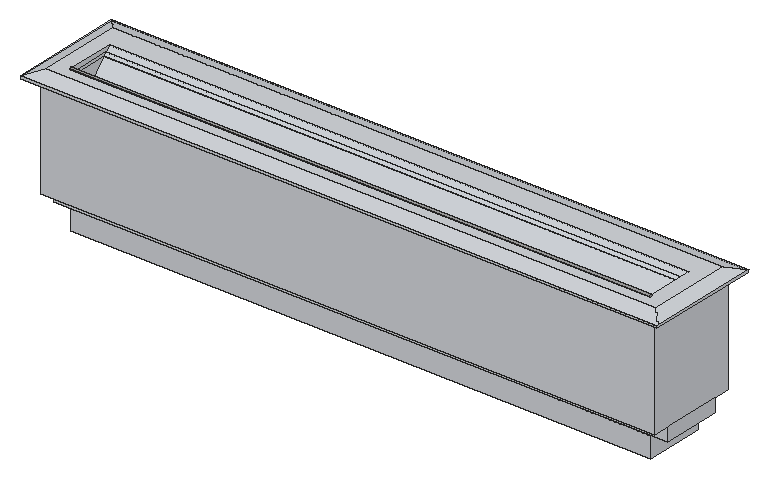
Revit family "2061267 Sylvania Lighting Fixture DOMINO 10xLED 930 OPAL AY TRIM BLACK", category Lighting Fixtures, host Face, Revit 2018
Family settings
  Host = Face
  Round Connector Dimension = Use Diameter
  Part Type = Normal
  OmniClass Number = 23.80.70.00
  OmniClass Title = Lighting
  Cut with Voids When Loaded = No
  Light Source = Yes
  Shared = No
  Room Calculation Point = No
Parameters (values of type "2061267 DOMINO 10XLED 930 OPAL ASYM TR BLK ")
  top top width = 15.812 mm
  top top length = 255 mm
  Width = 50 mm
  Weight = "n/a"
  Wattage Comments = ""
  Wattage = 9.2903 W
  WarrantyStartDate [instance] = "n/a"
  WarrantyGuarantorParts = "n/a"
  WarrantyDurationUnit = "n/a"
  WarrantyDurationParts = ""
  WarrantyDescription = "http://www.sylvania-lighting.com"
  built-in parameter 1150110 = 1 (stored number, unit not read)
  Voltage = 0 V
  URL = "0.95"
  TypeName = "DOMINO 10xLED 930 OPAL AY TRIM BLACK"
  Type Image = <None>
  Type Comments = "n/a"
  built-in parameter 1114217 = 1 (stored number, unit not read)
  Top Width = 26 mm
  Tilt Angle = 90.00°
  built-in parameter 1150109 = 1 (stored number, unit not read)
  built-in parameter 1150134 = 3
  built-in parameter 1150113 = 1 (stored number, unit not read)
  SerialNumber [instance] = "n/a"
  Recessed Width = 43 mm
  Recessed Length = 276 mm
  Photometric Web File = "2061267.ies"
  Material_3_FEILO = none
  PowerFactor = 0
  PowerConsumption = "Lighting"
  NominalLength = 50 mm
  NominalHeight = 0 mm
  NominalDepth = 0 mm
  Name = "DOMINO 10xLED 930 OPAL AY TRIM BLACK"
  ModelReference = Name  # "DOMINO 10xLED 930 OPAL AY TRIM BLACK"
  ModelNumber = "2061267"
  Model = Name  # "DOMINO 10xLED 930 OPAL AY TRIM BLACK"
  Material = "Feilo Sylvania"
  ManufacturerName = "60 lm/W"
  Manufacturer = ""
  LuminousEfficacy = ""
  built-in parameter 1150105 = 109.82 (stored number, unit not read)
  Lumens = 1380 lm
  LuminaireType = "0"
  built-in parameter 1150115 = 1 (stored number, unit not read)
  LightOutputRatio = "LED"
  built-in parameter 1150137 = (empty or 0)
  built-in parameter 1150139 = (empty or 0)
  Lens inside recess = 25 mm
  Lens Width = 32 mm
  Lens Outside recess = 31.978 mm
  Lens = Glass, White, High Luminance
  Length = 280 mm
  LampsType = Lamp  # "n/a"
  LampNominalLuminous = "3000 K"
  LampMacAdamStep = "90"
  LampColourTemperature = "LED"
  LampColourRenderingIndex = "16500"
  built-in parameter 1150112 = 1 (stored number, unit not read)
  built-in parameter 1150114 = 1 (stored number, unit not read)
  Lamp = "n/a"
  Keynote = "n/a"
  InstallationDate [instance] = "n/a"
  InputVoltage = "0"
  InputNominalFrequency = "3000"
  built-in parameter 1150132 = (empty or 0)
  built-in parameter 1150102 = (empty or 0)
  built-in parameter 1150107 = 3200 (stored number, unit not read)
  built-in parameter 1150138 = (empty or 0)
  IngressProtection = "IfcLightFixtureType"
  ImpactProtectionIndex = "IfcLightFixtureType"
  built-in parameter 1150106 = 1.0982 (stored number, unit not read)
  IfcExportType = "IfcLightFixtureType"
  IfcExportAs = "Class II"
  Facia internal width = 37 mm
  Facia internal length = 268 mm
  Facia Height = 2 mm
  ExpectedLife = 50000
  Emit from Circle Diameter = 609.6 mm
  Emit Shape Visible in Rendering = no
  ElectricShockClassification = "60"
  built-in parameter 1150104 = 13.8 (stored number, unit not read)
  DurationUnit = "hours"
  DocumentationLiterature = "http://www.sylvania-lighting.com/product/en-int/products/2061267"
  DimmingControlOptions = "n/a"
  Material_2_FEILO = none
  Dimming Lamp Color Temperature Shift = <None>
  Description = "Modular LED recessed linear spotlight, ideal for retail and hospitality applications. Die-cast aluminium body, passive cooling. Two levels of reflector installation, low glaring. 10x LED source, asymmetric beam angle , optics: PMMA lens and polycarbonate reflector combination, opaline diffuser. Light color temperature: 3000K warm white, total system power: 23W , total fixture lumen output: 1375lm, efficacy: 60 lm/W, Ra90 typical, LED chromacity: 3 step MacAdam ellipse (SDCM3), lifespan: 96,000 hours at 90% of the original output (L90B10), IR/UV free light source without heat radiation, operating voltage: 220-240V / 50-60Hz, electronic driver, ultra low flicker, non-dimmable , electrical protection: Class II. Degree of Protection: IP40/IP20, suitable for indoor environment only. Ceiling cut-out: 43x43mm, outer dimensions:  280x50mm trim frame RAL 9005 - Jet black color.5 years Warranty."
  Default Elevation = 1219.2 mm
  CreatedOn = "23/02/2021"
  CreatedBy = "@sylvania-lighting.com"
  Cost = 0
  Color Filter = 16777215
  built-in parameter 1114216 [instance] = (empty or 0)
  ClassificationValue = "EF_70_80"
  ClassificationName = "Uniclass2015"
  Material_1_FEILO = none
  Body Width = 40 mm
  Body Length = 270 mm
  BarCode [instance] = "n/a"
  built-in parameter 1114218 = 1 (stored number, unit not read)
  built-in parameter 1150133 = 10 (stored number, unit not read)
  AssetType = "Fixed"
  AssetIdentifier [instance] = "n/a"
  Assembly Code = "D5020200"
  Apparent Load = 23 VA
  Material_4_FEILO = none
Reference planes
  plane 1 "Center (Front/Back)": y = 0
  plane 2: z = 0
  plane 3 "Center (Left/Right)": x = 0
  plane 4: z = 0
  plane 5: z = -7
  plane 6: z = -45.895
  plane 7: z = -51.895
  plane 8: z = -60.895
  plane 9: x = -138
  plane 10: x = 138
  plane 11: y = 21.5
  plane 12: y = -21.5
  plane 13: x = -140
  plane 14: x = 140
  plane 15: y = 25
  plane 16: y = -25
  plane 17: x = 134
  plane 18: x = -134
  plane 19: y = 18.5
  plane 20: y = -18.5
  plane 21: z = 2
  plane 22: x = -135
  plane 23: x = 135
  plane 24: y = 20
  plane 25: y = -20
  plane 26: y = 13
  plane 27: y = -13
  plane 28: x = 127.5
  plane 29: x = -127.5
  plane 30: x = -132
  plane 31: y = 16.5
  plane 32: y = -16.472
  plane 33: y = 13
  plane 34: y = -12.972
  plane 35: x = 129.7
  plane 36: x = 127.224
  plane 37: y = 11
  plane 38: y = -18.5
  plane 39: y = 8.5
  plane 40: y = -13.5
  plane 41: y = -4.5
Forms (mm)
  Extrusion 1, solid, not visible, detail levels medium+fine
    sketch origin (4.2, 0, 0) x (1, 0, 0) y (0, 1, 0)
      loop
        line (-29.2, 34.5) -> (-29.2, -34.5) -> (20.8, -34.5) -> (20.8, 34.5) -> (-29.2, 34.5)
    from 0 to 1
  Extrusion 2, solid, not visible, detail levels medium+fine
    sketch origin (4.044, 0, 0) x (1, 0, 0) y (0, 1, 0)
      loop
        line (-29.2, 34.5) -> (-29.2, -34.5) -> (20.8, -34.5) -> (20.8, 34.5) -> (-29.2, 34.5)
    from 0 to 1
  Blend 3, solid, not visible, detail levels medium+fine
    base sketch origin (4.2, 0, 0) x (1, 0, 0) y (0, 1, 0)
      loop
        line (-29.2, 34.5) -> (-29.2, -34.5) -> (20.8, -34.5) -> (20.8, 34.5) -> (-29.2, 34.5)
    top sketch origin (4.2, 0, 0) x (1, 0, 0) y (0, 1, 0)
      loop
        line (-21.7, 28) -> (-21.7, -28) -> (13.3, -28) -> (13.3, 28) -> (-21.7, 28)
    from 1 to 3
  Extrusion 4, solid, not visible, detail levels medium+fine
    sketch origin (3.419, 0, 0) x (1, 0, 0) y (0, 1, 0)
      loop
        line (-29.2, 34.5) -> (-29.2, -34.5) -> (20.8, -34.5) -> (20.8, 34.5) -> (-29.2, 34.5)
    from 0 to 1
  Blend 5, solid, not visible, detail levels medium+fine
    base sketch origin (3.575, 0, 0) x (1, 0, 0) y (0, 1, 0)
      loop
        line (-29.2, 34.5) -> (-29.2, -34.5) -> (20.8, -34.5) -> (20.8, 34.5) -> (-29.2, 34.5)
    top sketch origin (3.575, 0, 0) x (1, 0, 0) y (0, 1, 0)
      loop
        line (-21.7, 28) -> (-21.7, -28) -> (13.3, -28) -> (13.3, 28) -> (-21.7, 28)
    from 1 to 3
  Extrusion 6, solid, not visible, detail levels medium+fine
    sketch origin (4.247, 0, 0) x (1, 0, 0) y (0, 1, 0)
      loop
        line (-29.2, 34.5) -> (-29.2, -34.5) -> (20.8, -34.5) -> (20.8, 34.5) -> (-29.2, 34.5)
    from 0 to 1
  Blend 7, solid, not visible, detail levels medium+fine
    base sketch origin (4.403, 0, 0) x (1, 0, 0) y (0, 1, 0)
      loop
        line (-29.2, 34.5) -> (-29.2, -34.5) -> (20.8, -34.5) -> (20.8, 34.5) -> (-29.2, 34.5)
    top sketch origin (4.403, 0, 0) x (1, 0, 0) y (0, 1, 0)
      loop
        line (-21.7, 28) -> (-21.7, -28) -> (13.3, -28) -> (13.3, 28) -> (-21.7, 28)
    from 1 to 3
  Extrusion 8, void, detail levels medium+fine
    sketch origin (4.2, 0, 0) x (0, 1, 0) y (1, 0, 0)
      loop
        line (21.5, -142.2) -> (21.5, 133.8) -> (-21.5, 133.8) -> (-21.5, -142.2) -> (21.5, -142.2)
    from -9.934 to 83.097
  Extrusion 9, solid, detail levels medium+fine
    sketch origin (4.2, 0, 0) x (1, 0, 0) y (0, 1, 0)
      loop
        line (-144.2, 25) -> (-144.2, -25) -> (135.8, -25) -> (135.8, 25) -> (-144.2, 25)
    from 0 to 1
  Extrusion 10, solid, detail levels medium+fine
    sketch origin (4.2, 0, 0) x (1, 0, 0) y (0, 1, 0)
      loop
        line (-139.2, 20) -> (-139.2, -20) -> (130.8, -20) -> (130.8, 20) -> (-139.2, 20)
    from 0 to -45.895
  Extrusion 11, solid, detail levels medium+fine
    sketch origin (4.2, 0, 0) x (1, 0, 0) y (0, 1, 0)
      loop
        line (-139.2, 13) -> (-139.2, -13) -> (130.8, -13) -> (130.8, 13) -> (-139.2, 13)
    from -51.895 to -45.895
  Blend 12, solid, detail levels medium+fine
    base sketch origin (4.2, 0, 0) x (1, 0, 0) y (0, 1, 0)
      loop
        line (-144.2, 25) -> (-144.2, -25) -> (135.8, -25) -> (135.8, 25) -> (-144.2, 25)
    top sketch origin (4.2, 0, 0) x (1, 0, 0) y (0, 1, 0)
      loop
        line (-138.2, 18.5) -> (-138.2, -18.5) -> (129.8, -18.5) -> (129.8, 18.5) -> (-138.2, 18.5)
    from 1 to 3
  Extrusion 13, solid, detail levels fine
    sketch origin (0, 0, 0) x (1, 0, 0) y (0, 0, 1)
      loop
        line (-127.5, -51.895) -> (-127.5, -60.895) -> (127.5, -60.895) -> (127.5, -51.895) -> (-127.5, -51.895)
    from -13 to 13
  Blend 14, void
    base sketch origin (174.42, 0, 0) x (0, 1, 0) y (-1, 0, 0)
      loop
        line (8.5, 301.92) -> (-13.5, 301.92) -> (-13.5, 47.196) -> (8.5, 47.196) -> (8.5, 301.92)
    top sketch origin (174.42, 0, 0) x (0, 1, 0) y (-1, 0, 0)
      loop
        line (-3.641, 301.92) -> (-4.5, 301.92) -> (-4.5, 47.196) -> (-3.641, 47.196) -> (-3.641, 301.92)
    from 3 to -9.242
  Extrusion 15, solid, detail levels coarse
    sketch origin (4.2, 0, 0) x (1, 0, 0) y (0, 1, 0)
      loop
        line (-144.2, 25) -> (-144.2, -25) -> (135.8, -25) -> (135.8, 25) -> (-144.2, 25)
    from -60.895 to 3
  Extrusion 16, solid, material "Glass, White, High Luminance", detail levels fine
    sketch origin (0, 0, 0) x (0, 1, 0) y (0, 0, 1)
      loop
        line (-4.5, -9.242) -> (-3.698, -8.653) -> (-12.698, 3.59) -> (-13.5, 3) -> (-4.5, -9.242)
    from -127.5 to 127.5
Cuts and joins
  Blend 14 cuts Extrusion 9
  Blend 14 cuts Extrusion 10
  Blend 14 cuts Blend 12
Dimensions and locks
  "Recessed Length": plane 9 to plane 10
  equal spacing: plane 9, plane 3 "Center (Left/Right)", plane 10
  "Length": plane 13 to plane 14
  equal spacing: plane 13, plane 3 "Center (Left/Right)", plane 14
  "Recessed Width": plane 11 to plane 12
  equal spacing: plane 11, plane 1 "Center (Front/Back)", plane 12
  "Width": plane 15 to plane 16
  equal spacing: plane 15, plane 1 "Center (Front/Back)", plane 16
  "Facia internal length": plane 18 to plane 17
  equal spacing: plane 18, plane 3 "Center (Left/Right)", plane 17
  "Facia internal width": plane 19 to plane 20
  equal spacing: plane 19, plane 1 "Center (Front/Back)", plane 20
  "Facia Height": plane 21 to host face
  "Body Length": plane 22 to plane 23
  equal spacing: plane 22, plane 3 "Center (Left/Right)", plane 23
  "Body Width": plane 24 to plane 25
  equal spacing: plane 24, plane 1 "Center (Front/Back)", plane 25
  "Top Width": plane 26 to plane 27
  equal spacing: plane 26, plane 1 "Center (Front/Back)", plane 27
  "top top length": plane 29 to plane 28
  equal spacing: plane 29, plane 3 "Center (Left/Right)", plane 28  (x2)
  plane 28 to plane 29 = 255 mm
  equal spacing: plane 28, plane 3 "Center (Left/Right)", plane 29
  aligned and locked: plane 2 to host face
  aligned and locked: level to host face
  aligned and locked: Extrusion 11 to plane 7
  aligned and locked: Extrusion 10 to plane 6
Automatic sketch dimensions
  Extrusion 1 sketch curve to Extrusion 1 sketch curve = 50 mm
  Extrusion 1 sketch curve to Extrusion 1 sketch curve = 69 mm
  Extrusion 2 sketch curve to Extrusion 2 sketch curve = 50 mm
  Extrusion 2 sketch curve to Extrusion 2 sketch curve = 69 mm
  Blend 3 sketch curve to Blend 3 sketch curve = 50 mm
  Blend 3 sketch curve to Blend 3 sketch curve = 69 mm
  Blend 3 sketch curve to Blend 3 sketch curve = 35 mm
  Blend 3 sketch curve to Blend 3 sketch curve = 56 mm
  Extrusion 4 sketch curve to Extrusion 4 sketch curve = 50 mm
  Extrusion 4 sketch curve to Extrusion 4 sketch curve = 69 mm
  Blend 5 sketch curve to Blend 5 sketch curve = 50 mm
  Blend 5 sketch curve to Blend 5 sketch curve = 69 mm
  Blend 5 sketch curve to Blend 5 sketch curve = 35 mm
  Blend 5 sketch curve to Blend 5 sketch curve = 56 mm
  Extrusion 6 sketch curve to Extrusion 6 sketch curve = 50 mm
  Extrusion 6 sketch curve to Extrusion 6 sketch curve = 69 mm
  Blend 7 sketch curve to Blend 7 sketch curve = 50 mm
  Blend 7 sketch curve to Blend 7 sketch curve = 69 mm
  Blend 7 sketch curve to Blend 7 sketch curve = 35 mm
  Blend 7 sketch curve to Blend 7 sketch curve = 56 mm
  host sketch curve to host sketch curve = 2438.4 mm  (x2)
  Extrusion 8 sketch curve to plane 9 = 0 mm
  Extrusion 8 sketch curve to plane 12 = 0 mm
  Extrusion 8 sketch curve to plane 11 = 0 mm
  Extrusion 8 sketch curve to plane 10 = 0 mm
  Extrusion 9 sketch curve to plane 13 = 0 mm
  Extrusion 9 sketch curve to plane 14 = 0 mm
  Extrusion 9 sketch curve to plane 16 = 0 mm
  Extrusion 9 sketch curve to plane 15 = 0 mm
  Extrusion 10 sketch curve to plane 22 = 0 mm
  Extrusion 10 sketch curve to plane 23 = 0 mm
  Extrusion 10 sketch curve to plane 25 = 0 mm
  Extrusion 10 sketch curve to plane 24 = 0 mm
  Extrusion 11 sketch curve to plane 22 = 0 mm
  Extrusion 11 sketch curve to plane 23 = 0 mm
  Extrusion 11 sketch curve to plane 27 = 0 mm
  plane 26 to Extrusion 11 sketch curve = 0 mm
  Blend 12 sketch curve to plane 13 = 0 mm
  Blend 12 sketch curve to plane 14 = 0 mm
  Blend 12 sketch curve to plane 16 = 0 mm
  Blend 12 sketch curve to plane 15 = 0 mm
  Blend 12 sketch curve to plane 18 = 0 mm
  Blend 12 sketch curve to plane 17 = 0 mm
  Blend 12 sketch curve to plane 20 = 0 mm
  Blend 12 sketch curve to plane 19 = 0 mm
  Extrusion 13 sketch curve to plane 8 = 0 mm
  Extrusion 13 sketch curve to plane 29 = 0 mm
  Extrusion 13 sketch curve to plane 28 = 0 mm
  Extrusion 13 sketch curve to plane 7 = 0 mm
  Extrusion 15 sketch curve to plane 13 = 0 mm
  Extrusion 15 sketch curve to plane 14 = 0 mm
  Extrusion 15 sketch curve to plane 16 = 0 mm
  Extrusion 15 sketch curve to plane 15 = 0 mm
  Blend 14 sketch curve to plane 29 = 0 mm  (x2)
  Blend 14 sketch curve to plane 40 = 0 mm
  Blend 14 sketch curve to plane 39 = 0 mm
  Blend 14 sketch curve to plane 36 = 0 mm  (x2)
  Blend 14 sketch curve to plane 41 = 0 mm
  plane 41 to Blend 14 sketch curve = 0.859 mm
  Extrusion 16 sketch curve to plane 40 = 0 mm
  Extrusion 16 sketch curve to plane 41 = 0 mm
  plane 34 to Extrusion 16 sketch curve = 0.274 mm
  plane 21 to Extrusion 16 sketch curve = 1 mm
  Extrusion 16 sketch curve to Extrusion 16 sketch curve = 0.59 mm
Connectors
  electrical at (0, 0, -60.895)
    settings: on Extrusion 13, index 1, voltage 0 V, apparent load 0 VA, apparent load phase1 0 VA, apparent load phase2 0 VA, apparent load phase3 0 VA, power factor 1, load classification "Other", number of poles 1, system type 31, power factor state 1, is connector primary yes, connector utility no, sub classification motor no, connector description ""
